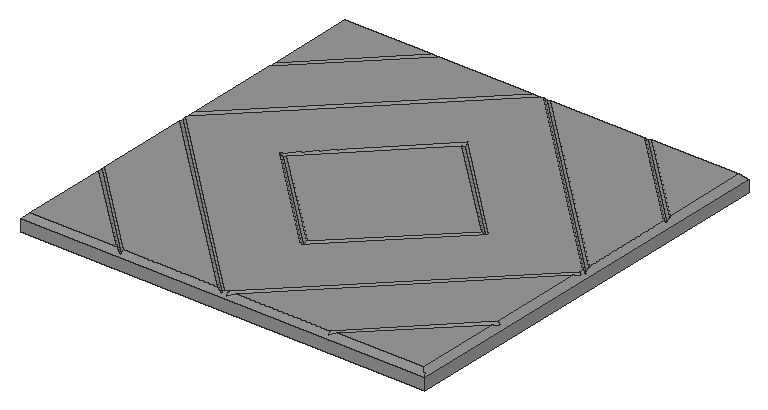
Revit family "ASKEW-2X2", category Generic Models, Revit 2024
Family settings
  Can host rebar = No
  Round Connector Dimension = Use Diameter
  Part Type = Normal
  Work Plane-Based = No
  Always vertical = Yes
  Cut with Voids When Loaded = No
  Maintain Annotation Orientation = No
  Shared = No
  Room Calculation Point = No
Parameters (values of type "STANDARD - CUSTOM PAINTED")
  URL = "https://www.acousticalsurfaces.com/envirocoustic-wood-wool/designs/"
  Thickness = 0' - 1"
  Material = "Envirocoustic Wood Wool"
  Manufacturer = "Acoustical Surfaces, Inc."
  Finish = Custom Painted
  Default Elevation = 0' - 0"
  Backer Thickness = 0' - 1"
  Backer = no
Types (9): name | Finish | Backer Thickness | Backer
  STANDARD - CUSTOM PAINTED | Custom Painted | 0' - 1" | no
  STANDARD - PRIMED WHITE | Primed White | 0' - 1" | no
  STANDARD - PRIMED CLEAR | Primed Clear | 0' - 1" | no
  2 INCH CFAB BACKER - PRIMED WHITE | Primed White | 0' - 2" | yes
  1 INCH CFAB BACKER - PRIMED WHITE | Primed White | 0' - 1" | yes
  2 INCH CFAB BACKER - PRIMED CLEAR | Primed Clear | 0' - 2" | yes
  1 INCH CFAB BACKER - PRIMED CLEAR | Primed Clear | 0' - 1" | yes
  2 INCH CFAB BACKER - CUSTOM PAINTED | Custom Painted | 0' - 2" | yes
  1 INCH CFAB BACKER - CUSTOM PAINTED | Custom Painted | 0' - 1" | yes
Reference planes (in)
  plane 1 "Center (Front/Back)": y = 0
  plane 2: z = 0
  plane 3 "Center (Left/Right)": x = 0
  plane 4: x = -12
  plane 5: x = 12
  plane 6: y = 12
  plane 7: y = -12
  plane 8: z = 1
  plane 9: z = -1
Forms (in)
  Extrusion 1, solid, material "Custom Painted" <- "Finish"
    sketch origin (0, 0, 0) x (1, 0, 0) y (0, 1, 0)
      loop
        line (12, 12) -> (-12, 12) -> (-12, -12) -> (12, -12) -> (12, 12)
    from 0 to 1
  Sweep 2, void
    path in 3D
      loop
        line (12, 12, 1) -> (-12, 12, 1) -> (-12, -12, 1) -> (12, -12, 1) -> (12, 12, 1)
    profile "Triangle : Family2" origin (12, 0, 1) x (-1, 0, 0) y (0, 0, 1)
      loop
        line (0, 0) -> (0, -0.315) -> (0.315, 0) -> (0, 0)
  Extrusion 3, solid, visible <- "Backer"
    sketch origin (0, 0, 0) x (1, 0, 0) y (0, 1, 0)
      loop
        line (12, 12) -> (-12, 12) -> (-12, -12) -> (12, -12) -> (12, 12)
    from 0 to -1
  Sweep 4, void
    path origin (0, 0, 1) x (1, 0, 0) y (0, 1, 0)
      loop
        line (6, 12) -> (12, 6)
    profile "Groove : Family2" origin (9, 9, 1) x (0.707107, 0.707107, 0) y (0, 0, 1)
      loop
        line (-0.1575, 0) -> (0, -0.1575) -> (0.1575, 0) -> (-0.1575, 0)
  Sweep 5, void
    path origin (0, 0, 1) x (1, 0, 0) y (0, 1, 0)
      loop
        line (12, 0) -> (0, 12) -> (-12, 0) -> (0, -12) -> (12, 0)
    profile "Groove : Family2" origin (6, 6, 1) x (-0.707107, -0.707107, 0) y (0, 0, 1)
      loop
        line (-0.1575, 0) -> (0, -0.1575) -> (0.1575, 0) -> (-0.1575, 0)
  Sweep 6, void
    path origin (0, 0, 1) x (1, 0, 0) y (0, 1, 0)
      loop
        line (6, 0) -> (0, 6) -> (-6, 0) -> (0, -6) -> (6, 0)
    profile "Groove : Family2" origin (3, 3, 1) x (-0.707107, -0.707107, 0) y (0, 0, 1)
      loop
        line (-0.1575, 0) -> (0, -0.1575) -> (0.1575, 0) -> (-0.1575, 0)
  Sweep 7, void
    path origin (0, 0, 1) x (1, 0, 0) y (0, 1, 0)
      loop
        line (12, -6) -> (6.00002, -12)
    profile "Groove : Family2" origin (9.00001, -9, 1) x (0.707108, -0.707106, 0) y (0, 0, 1)
      loop
        line (-0.1575, 0) -> (0, -0.1575) -> (0.1575, 0) -> (-0.1575, 0)
  Sweep 8, void
    path origin (0, 0, 1) x (1, 0, 0) y (0, 1, 0)
      loop
        line (-6, 12) -> (-12, 6)
    profile "Groove : Family2" origin (-9, 9, 1) x (0.707107, -0.707107, 0) y (0, 0, 1)
      loop
        line (-0.1575, 0) -> (0, -0.1575) -> (0.1575, 0) -> (-0.1575, 0)
  Sweep 9, void
    path origin (0, 0, 1) x (1, 0, 0) y (0, 1, 0)
      loop
        line (-12, -6) -> (-6.00002, -12)
    profile "Groove : Family2" origin (-9.00001, -9, 1) x (0.707108, 0.707106, 0) y (0, 0, 1)
      loop
        line (-0.1575, 0) -> (0, -0.1575) -> (0.1575, 0) -> (-0.1575, 0)
Cuts and joins
  Sweep 2, Sweep 4, Sweep 5, Sweep 6, Sweep 7, Sweep 8, Sweep 9 cuts Extrusion 1
Lines and regions (in)
  sketch lines
    curve 1: line (12, -12, 1) -> (12, 12, 1)
    curve 2: line (-12, -12, 1) -> (12, -12, 1)
    curve 3: line (-12, 12, 1) -> (-12, -12, 1)
    curve 4: line (12, 12, 1) -> (-12, 12, 1)
Dimensions and locks (in)
  equal spacing: plane 4, plane 3 "Center (Left/Right)", plane 5
  equal spacing: plane 7, plane 1 "Center (Front/Back)", plane 6
  plane 7 to plane 6 = 2' - 0"
  locked: plane 4 to plane 5 at 24
  "Thickness": plane 8 to level
  "Backer Thickness": level to plane 9
  aligned and locked: level to plane 2
  aligned and locked: Extrusion 1 sketch curve to plane 4
  aligned and locked: plane 5 to Extrusion 1 sketch curve
  aligned and locked: Extrusion 1 sketch curve to plane 6
  aligned and locked: Extrusion 1 sketch curve to plane 7
  aligned and locked: Extrusion 1 to plane 8
  aligned and locked: Extrusion 3 sketch curve to plane 4
  aligned and locked: plane 5 to Extrusion 3 sketch curve
  aligned and locked: Extrusion 3 sketch curve to plane 6
  aligned and locked: Extrusion 3 sketch curve to plane 7
  aligned and locked: plane 9 to Extrusion 3
Automatic sketch dimensions
  Sweep 5 sketch curve to Extrusion 1 = 0' - 0"  (x3)
  Extrusion 1 to Sweep 5 sketch curve = 0' - 0"
  Sweep 5 sketch curve to Extrusion 1 = 1' - 0"  (x4)
  Sweep 6 sketch curve to Extrusion 1 = 1' - 0"
  Sweep 6 sketch curve to Sweep 6 sketch curve = 0' - 6"  (x2)
  Sweep 6 sketch curve to Extrusion 1 = 0' - 6"  (x2)
